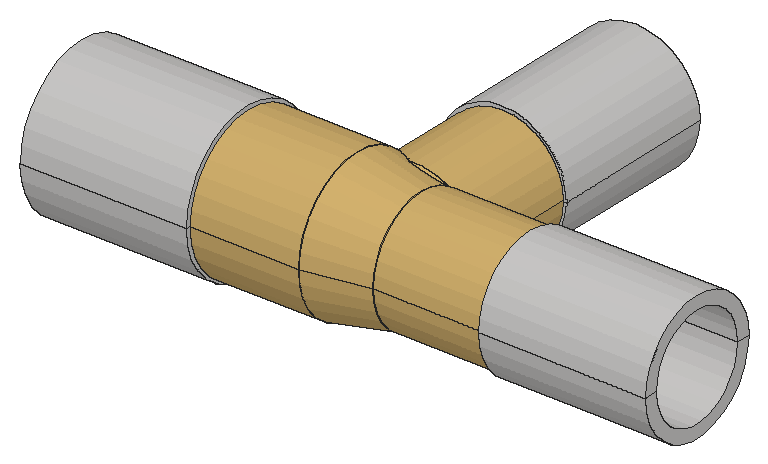
Revit family "Supply_System-Fittings-Golan_Plastic_Products-MULTYGOL_PRESS-Tee-00", category Pipe Fittings, Revit 2018
Family settings
  Round Connector Dimension = Use Diameter
  Part Type = Tee
  OmniClass Number = 23.60.30.11.14
  OmniClass Title = Pipework Fittings
  Work Plane-Based = No
  Always vertical = Yes
  Cut with Voids When Loaded = No
  Shared = No
Parameters
  l3 [instance] = size_lookup(TdR, "l3", 0.000 mm, OD_A, OD_B, OD_C)  # 26.000 mm
  l2 [instance] = size_lookup(TdR, "l2", 0.000 mm, OD_A, OD_B, OD_C)  # 26.000 mm
  URL = "https://golanplastic.com/%D7%9E%D7%95%D7%9C%D7%98%D7%99%D7%92%D7%95%D7%9C-%D7%9C%D7%97%D7%99%D7%A6%D7%94/"
  TdR = "Golan_Plastic_Products-MULTYGOL_PRESS-Tee-00"  # constant formula
  R3 [instance] = D3 / 2  # 10.000 mm
  R2 [instance] = D2 / 2  # 10.000 mm
  R1 [instance] = D1 / 2  # 12.000 mm
  Manufacturer = "Golan Plastic Product Ltd."  # constant formula
  Price [instance] = size_lookup(TdR, "PRICE", 0, OD_A, OD_B, OD_C)  # 63.7
  Part Number [instance] = size_lookup(TdR, "", "Not present in our catalog", OD_A, OD_B, OD_C)  # "M2020166"
  OD_C [instance] = 16.001 mm
  OD_B [instance] = 16.001 mm
  OD_A [instance] = 20.001 mm
  Maximum Temperature [instance] = 95 °C  # constant formula
  Maximum Pressure [instance] = 10 bar  # constant formula
  Material [instance] = "Brass made in Italy"  # constant formula
  l1 [instance] = size_lookup(TdR, "l1", 0.000 mm, OD_A, OD_B, OD_C)  # 26.000 mm
  L3 [instance] = size_lookup(TdR, "L3", 0.000 mm, OD_A, OD_B, OD_C)  # 48.000 mm
  L [instance] = size_lookup(TdR, "L", 0.000 mm, OD_A, OD_B, OD_C)  # 96.000 mm
  L2 [instance] = size_lookup(TdR, "L2", 0.000 mm, OD_A, OD_B, OD_C)  # 48.000 mm
  L1 [instance] = size_lookup(TdR, "L1", 0.000 mm, OD_A, OD_B, OD_C)  # 48.000 mm
  Israel Standard [instance] = "SI 21003"  # constant formula
  built-in parameter 1114238 [instance] = (D1 = 0.000 mm)  # (empty or 0)
  Dimension [instance] = size_lookup(TdR, "DIMENSION", "0", OD_A, OD_B, OD_C)  # "20 x 16 x 16"
  D3 [instance] = size_lookup(TdR, "D3", 0.000 mm, OD_A, OD_B, OD_C)  # 20.000 mm
  D2 [instance] = size_lookup(TdR, "D2", 0.000 mm, OD_A, OD_B, OD_C)  # 20.000 mm
  D1 [instance] = size_lookup(TdR, "D1", 0.000 mm, OD_A, OD_B, OD_C)  # 24.000 mm
Reference planes
  plane 1 "Centro (Fronte/Retro)": y = 0
  plane 2: z = 0
  plane 3 "Centro (Sinistra/Destra)": x = 0
  plane 4: x = 0
  plane 5: y = 0
Forms (mm)
  Revolve 1, solid, material "Stainless Steel"
    sketch origin (4.375, 0, 0) x (-1, 0, 0) y (0, 1, 0)
      loop
        line (-43.625, 8) -> (-17.625, 8) -> (-17.625, 10) -> (-43.625, 10) -> (-43.625, 8)
      axis (-43.625, 0) -> (-17.625, 0)
    angle from 0 to 360
  Revolve 2, solid, material "Stainless Steel"
    sketch origin (-4.375, 0, 0) x (1, 0, 0) y (0, 1, 0)
      loop
        line (-43.625, 10) -> (-17.625, 10) -> (-17.625, 12) -> (-43.625, 12) -> (-43.625, 10)
      axis (-43.625, 0) -> (-17.625, 0)
    angle from 0 to 360
  Revolve 3, solid, material "Stainless Steel"
    sketch origin (0, 0, 0) x (1, 0, 0) y (0, 1, 0)
      loop
        line (-10, 22) -> (-8, 22) -> (-8, 48) -> (-10, 48) -> (-10, 22)
      axis (0, 22) -> (0, 48)
    angle from 0 to 360
  Revolve 4, solid, material "Brass made in Italy"
    sketch origin (0, 0, 0) x (1, 0, 0) y (0, 1, 0)
      loop
        line (-22, 10) -> (-5, 10) -> (-5, 11.5) -> (-22, 11.5) -> (-22, 10)
      axis (-22, 0) -> (-5, 0)
    angle from 0 to 360
  Revolve 5, solid, material "Brass made in Italy"
    sketch origin (0, 0, 0) x (-1, 0, 0) y (0, 1, 0)
      loop
        line (-22, 8) -> (-5, 8) -> (-5, 9.5) -> (-22, 9.5) -> (-22, 8)
      axis (-22, 0) -> (-5, 0)
    angle from 0 to 360
  Revolve 6, solid, material "Brass made in Italy"
    sketch origin (0, 0, 0) x (1, 0, 0) y (0, 1, 0)
      loop
        line (-9.5, 22) -> (-9.5, 5)
        arc (-9.5, 5) -> (-5.42, 1.227) -> (0, 0) r 10.735
        line (0, 0) -> (0, 2.002)
        arc (0, 2.002) -> (-4.618, 3.067) -> (-8, 6.386) r 8.735
        line (-8, 6.386) -> (-8, 22) -> (-9.5, 22)
      axis (0, 0) -> (0, 22)
    angle from 0 to 360
  SweptBlend 7, solid, material "Brass made in Italy"
    path origin (0, 0, 0) x (1, 0, 0) y (0, 1, 0)
      loop
        line (-5, 0) -> (5, 0)
    profile origin (-5, 0, 0) x (0, 1, 0) y (0, 0, 1)
      loop
        circle (0, 0) r 11.5
    end profile origin (5, 0, 0) x (0, 1, 0) y (0, 0, 1)
      loop
        circle (0, 0) r 9.5
  Revolve 8, void
    sketch origin (0, 0, 0) x (1, 0, 0) y (0, 1, 0)
      loop
        line (-22, 10) -> (-22, 0) -> (22, 0) -> (22, 8) -> (5, 8) -> (-5, 10) -> (-22, 10)
      axis (-22, 0) -> (22, 0)
    angle from 0 to 360
Cuts and joins
  Revolve 8 cuts SweptBlend 7
Dimensions and locks
  "R3": plane 1 "Centro (Fronte/Retro)" to Revolve 1 sketch curve
  plane 1 "Centro (Fronte/Retro)" to Revolve 1 sketch curve = 8.000 mm
  locked: Revolve 1 sketch curve to Revolve 1 sketch curve at 2
  "l3": Revolve 1 sketch curve to Revolve 1 sketch curve
  locked: Revolve 2 sketch curve to Revolve 2 sketch curve at 2
  "l1": Revolve 2 sketch curve to Revolve 2 sketch curve
  "R1": plane 1 "Centro (Fronte/Retro)" to Revolve 2 sketch curve
  "L1": Revolve 2 to plane 3 "Centro (Sinistra/Destra)"
  "L3": plane 3 "Centro (Sinistra/Destra)" to Revolve 1
  "l2": Revolve 3 sketch curve to Revolve 3 sketch curve
  "R2": Revolve 3 sketch curve to plane 3 "Centro (Sinistra/Destra)"
  locked: Revolve 3 sketch curve to Revolve 3 sketch curve at 2
  "L2": plane 1 "Centro (Fronte/Retro)" to Revolve 3
  locked: Revolve 2 to Revolve 4 sketch curve at 0.5
  locked: Revolve 5 sketch curve to Revolve 1 at 0.5
  locked: Revolve 4 sketch curve to plane 4 at 5
  locked: plane 4 to Revolve 5 sketch curve at 5
  locked: Revolve 3 to Revolve 6 sketch curve at 0.5
  locked: plane 1 "Centro (Fronte/Retro)" to Revolve 6 sketch curve at 5
  aligned and locked: level to plane 2
  aligned and locked: Revolve 2 to Revolve 4 sketch curve
  aligned and locked: Revolve 4 sketch curve to Revolve 2
  aligned and locked: Revolve 1 to Revolve 5 sketch curve
  aligned and locked: Revolve 5 sketch curve to Revolve 1
  aligned and locked: Revolve 3 to Revolve 6 sketch curve
  aligned and locked: Revolve 4 to SweptBlend 7 sketch curve
  aligned and locked: SweptBlend 7 sketch curve to Revolve 5  (x3)
  aligned and locked: SweptBlend 7 sketch curve to Revolve 4
  aligned and locked: Revolve 2 to Revolve 8 sketch curve
  aligned and locked: Revolve 8 sketch curve to Revolve 1
  aligned and locked: Revolve 8 sketch curve to Revolve 2
  aligned and locked: Revolve 4 to Revolve 8 sketch curve
  aligned and locked: Revolve 1 to Revolve 8 sketch curve
  aligned and locked: Revolve 8 sketch curve to Revolve 5
  aligned and locked: Revolve 5 to Revolve 8 sketch curve
Automatic sketch dimensions
  plane 1 "Centro (Fronte/Retro)" to Revolve 4 sketch curve = 0.000 mm
  Revolve 4 sketch curve to Revolve 4 sketch curve = 38.851 mm
  plane 3 "Centro (Sinistra/Destra)" to Revolve 4 sketch curve = 10.660 mm
  plane 1 "Centro (Fronte/Retro)" to Revolve 5 sketch curve = 0.000 mm
  Revolve 5 sketch curve to Revolve 5 sketch curve = 38.851 mm
  plane 3 "Centro (Sinistra/Destra)" to Revolve 5 sketch curve = 10.660 mm
  plane 1 "Centro (Fronte/Retro)" to SweptBlend 7 sketch curve = 0.000 mm
  plane 1 "Centro (Fronte/Retro)" to Revolve 8 sketch curve = 0.000 mm  (x2)
  Revolve 8 sketch curve to Revolve 8 sketch curve = 0.000 mm
  Revolve 6 sketch curve to Revolve 6 sketch curve = 0.000 mm  (x2)
  Revolve 6 sketch curve to plane 3 "Centro (Sinistra/Destra)" = 0.000 mm  (x2)
  plane 1 "Centro (Fronte/Retro)" to Revolve 6 sketch curve = 0.000 mm
  Revolve 6 sketch curve to Revolve 6 sketch curve = 1.500 mm
  Revolve 6 sketch curve to plane 3 "Centro (Sinistra/Destra)" = 0.420 mm
  Revolve 6 sketch curve to Revolve 6 sketch curve = 1.386 mm
  Revolve 6 sketch curve to Revolve 6 sketch curve = 10.896 mm
  Revolve 6 sketch curve to Revolve 6 sketch curve = 4.040 mm
  plane 1 "Centro (Fronte/Retro)" to Revolve 1 sketch curve = 0.000 mm
  Revolve 1 sketch curve to plane 3 "Centro (Sinistra/Destra)" = 48.000 mm
  Revolve 1 sketch curve to Revolve 1 sketch curve = 5.527 mm
  Revolve 1 sketch curve to plane 3 "Centro (Sinistra/Destra)" = 7.527 mm
  plane 1 "Centro (Fronte/Retro)" to Revolve 2 sketch curve = 0.000 mm
  Revolve 2 sketch curve to plane 3 "Centro (Sinistra/Destra)" = 48.000 mm
  Revolve 2 sketch curve to Revolve 2 sketch curve = 3.527 mm
  Revolve 2 sketch curve to plane 3 "Centro (Sinistra/Destra)" = 7.527 mm
  Revolve 3 sketch curve to plane 3 "Centro (Sinistra/Destra)" = 0.000 mm
  Revolve 3 sketch curve to plane 1 "Centro (Fronte/Retro)" = 22.000 mm
  Revolve 3 sketch curve to Revolve 3 sketch curve = 0.723 mm
  Revolve 3 sketch curve to Revolve 3 sketch curve = 24.000 mm
Connectors
  piping at (-22, 0, 0), diameter 20.001, driven by "OD_A"
    settings: on Revolve 4, index 1, connector inside diameter 609.600 mm, connector length 0.000 mm, flow factor 0, pipe flow 0.0 L/s, pressure drop 0 bar, fitting loss kfactor 0, connector angle 0.00°, fixture units 0, engagement length 0.000 mm, angle of deflection 0.00°, flow configuration 0, flow direction 0, fitting loss method 0, system type 28, joint type 0, gender type 0, connector reference index 3, connector utility 0, adjustable connector no, is connector primary yes, connector description ""
  piping at (0, 22, 0), diameter 16.001, driven by "OD_B"
    settings: on Revolve 6, index 2, connector inside diameter 609.600 mm, connector length 0.000 mm, flow factor 0, pipe flow 0.0 L/s, pressure drop 0 bar, fitting loss kfactor 0, connector angle 0.00°, fixture units 0, engagement length 0.000 mm, angle of deflection 0.00°, flow configuration 0, flow direction 0, fitting loss method 0, system type 28, joint type 0, gender type 0, connector reference index -1, connector utility 0, adjustable connector no, is connector primary no, connector description ""
  piping at (22, 0, 0), diameter 16.001, driven by "OD_C"
    settings: on Revolve 5, index 3, connector inside diameter 609.600 mm, connector length 0.000 mm, flow factor 0, pipe flow 0.0 L/s, pressure drop 0 bar, fitting loss kfactor 0, connector angle 0.00°, fixture units 0, engagement length 0.000 mm, angle of deflection 0.00°, flow configuration 0, flow direction 0, fitting loss method 0, system type 28, joint type 0, gender type 0, connector reference index 1, connector utility 0, adjustable connector no, is connector primary no, connector description ""
